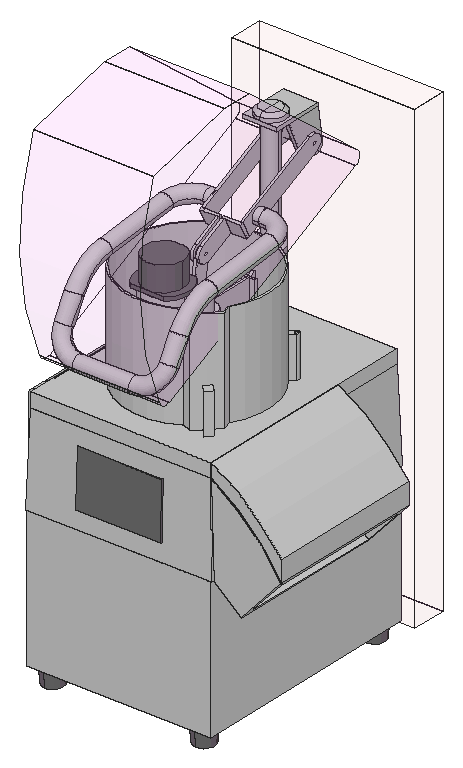
Revit family "Cortadora_CA-41_1_GENERADO", category Equipos especializados, Revit 2020
Family settings
  Cota de conector redondo = Diámetro de uso
  Tipo de pieza = Normal
  Número OmniClass = 23.21.21.31.19.11
  Se basa en plano de trabajo = No
  Siempre vertical = Sí
  Corte con vacíos al cargar = No
  Compartido = No
  Punto de cálculo de habitación = No
Parameters (values of type "Vegetable preparation machine CA-41 220-380/60/3N")
  Width = 391 mm
  Weight in Pounds = 51.8
  Watts = 550 W
  Volts = 220 V
  URL Cutsheet = "http://www.sammic.com/dl/455019/7b4ae/ps-en-1050726-vegetable-preparation-machine-ca-41.pdf"
  URL = "https://www.sammic.com/model/1050726"
  Specification by Manufacturer = "Single-speed motor block +  large production attachment."
  Show Logo [instance] = yes
  Show Clearances [instance] = yes
  Revision Code = "1"
  Phase = 3
  Modelo = "1050726"
  Height = 652 mm
  HP = "0.74"
  Foodservice Equipment Identifier = yes
  Fabricante = "SAMMIC S.L."
  FL Amps = 2.6 A
  Elevación por defecto = 0 mm
  Electric Connection Type = "3P+G"
  Descripción = "Vegetable preparation machine CA-41 220-380/60/3N"
  Depth = 396 mm
  Cycle = 60 Hz
  Conn Plug = ""
  Type Comments = "High production vegetable preparation machine with an hourly output of up to 1300 lbs. / 650 Kg.\n\nELECTRICAL DATA:\n\n380V/60Hz/3N~ (1.5A)"
Types (9, lengths in mm): name | Weight in Pounds | Volts | URL Cutsheet | URL | Phase | Modelo | FL Amps | Electric Connection Type | Descripción | Cycle | Conn Plug | Type Comments
  (no name) | 51.8 | 220 V | "http://www.sammic.com/dl/455019/7b4ae/ps-en-1050726-vegetable-preparation-machine-ca-41.pdf" | "https://www.sammic.com/model/1050726" | 3 | "1050726" | 2.6 A | "3P+G" | "Vegetable preparation machine CA-41 220-380/60/3N" | 60 Hz | "USA (NEMA 5-15P / 2P+G)" | "High production vegetable preparation machine with an hourly output of up to 1300 lbs. / 650 Kg.\n\nELECTRICAL DATA:\n\n380V/60Hz/3N~ (1.5A)"
  Vegetable preparation machine CA-41 230-400/50/3N | 51.8 | 400 V | "http://www.sammic.com/dl/454798/7ac7e/ps-en-1050721-vegetable-preparation-machine-ca-41.pdf" | "https://www.sammic.com/model/1050721" | 3 | "1050721" | 1.5 A | "3P+N+G" | "Vegetable preparation machine CA-41 230-400/50/3N" | 50 Hz | "" | "High production vegetable preparation machine with an hourly output of up to 1300 lbs. / 650 Kg.\n\nELECTRICAL DATA:\n\n230V/50Hz/3~ (2.6A)"
  Vegetable preparation machine CA-41 230/50/1 | 52.9 | 230 V | "http://www.sammic.com/dl/454796/52f4a/ps-en-1050719-vegetable-preparation-machine-ca-41.pdf" | "https://www.sammic.com/model/1050719" | 1 | "1050719" | 3.6 A | "" | "Vegetable preparation machine CA-41 230/50/1" | 50 Hz | "EU (SCHUKO 2P+G)" | "High production vegetable preparation machine with an hourly output of up to 1300 lbs. / 650 Kg."
  Vegetable preparation machine CA-41 120/60/1 | 52.9 | 120 V | "http://www.sammic.com/dl/454797/79c74/ps-en-1050720-vegetable-preparation-machine-ca-41.pdf" | "https://www.sammic.com/model/1050720" | 1 | "1050720" | 4.3 A | "" | "Vegetable preparation machine CA-41 120/60/1" | 60 Hz | "USA (NEMA 5-15P / 2P+G)" | "High production vegetable preparation machine with an hourly output of up to 1300 lbs. / 650 Kg."
  Vegetable preparation machines CA-41 220/60/1 KSA | 52.9 | 220 V | "http://www.sammic.com/dl/454799/2c9ff/ps-en-1050722-vegetable-preparation-machine-ca-41.pdf" | "https://www.sammic.com/model/1050722" | 1 | "1050722" | 3.6 A | "2P+G" | "Vegetable preparation machines CA-41 220/60/1 KSA" | 60 Hz | "UK (BS 1363 13A / 2P+G)" | "High production vegetable preparation machine with an hourly output of up to 1300 lbs. / 650 Kg."
  Vegetable preparation machine CA-41 220/60/1 | 52.9 | 220 V | "http://www.sammic.com/dl/455018/9b6e6/ps-en-1050725-vegetable-preparation-machine-ca-41.pdf" | "https://www.sammic.com/model/1050725" | 1 | "1050725" | 3.6 A | "" | "Vegetable preparation machine CA-41 220/60/1" | 60 Hz | "EU (SCHUKO 2P+G)" | "High production vegetable preparation machine with an hourly output of up to 1300 lbs. / 650 Kg."
  Vegetable preparation machine CA-41 220-380/60/3N | 51.8 | 220 V | "http://www.sammic.com/dl/455019/7b4ae/ps-en-1050726-vegetable-preparation-machine-ca-41.pdf" | "https://www.sammic.com/model/1050726" | 3 | "1050726" | 2.6 A | "3P+G" | "Vegetable preparation machine CA-41 220-380/60/3N" | 60 Hz | "" | "High production vegetable preparation machine with an hourly output of up to 1300 lbs. / 650 Kg.\n\nELECTRICAL DATA:\n\n380V/60Hz/3N~ (1.5A)"
  Vegetable preparation machine CA-41 230/50/1 AUS | 52.9 | 230 V | "http://www.sammic.com/dl/455020/ca6f1/ps-en-1050728-vegetable-preparation-machine-ca-41.pdf" | "https://www.sammic.com/model/1050728" | 1 | "1050728" | 3.6 A | "" | "Vegetable preparation machine CA-41 230/50/1 AUS" | 50 Hz | "AU/NZ (AS 3112 10A / 2P)" | "High production vegetable preparation machine with an hourly output of up to 1300 lbs. / 650 Kg."
  Vegetable preparation machine CA-41 230/50/1 UK | 52.9 | 230 V | "http://www.sammic.com/dl/455021/81103/ps-en-1050731-vegetable-preparation-machine-ca-41.pdf" | "https://www.sammic.com/model/1050731" | 1 | "1050731" | 3.6 A | "" | "Vegetable preparation machine CA-41 230/50/1 UK" | 50 Hz | "UK (BS 1363 13A / 2P+G)" | "High production vegetable preparation machine with an hourly output of up to 1300 lbs. / 650 Kg."
Reference planes
  plane 1 "Centro (Frontal/Posterior)": y = 0
  plane 2: z = 0
  plane 3 "Centro (Izquierda/Derecha)": x = 0
  plane 4: x = 357.084
  plane 5: x = -17.689
  plane 6: y = 25.2
  plane 7: z = 603.55
  plane 8: y = -28.249
Forms (mm)
  Extrusion 1, solid
    sketch origin (0, 0, 0) x (1, 0, 0) y (0, 1, 0)
      loop
        line (0, 0) -> (0, -336.5) -> (259.8, -336.5) -> (259.8, 0) -> (0, 0)
    from 21 to 219
  Revolve 2, solid
    sketch origin (23, 0, 0) x (0, 1, 0) y (0, 0, 1)
      loop
        line (-335, 21) -> (-333.5, 0) -> (-319, 0) -> (-319, 21) -> (-335, 21)
      axis (-319, 21) -> (-319, 0)
    angle from 0 to 360
  Revolve 3, solid
    sketch origin (236.8, 0, 0) x (0, 1, 0) y (0, 0, 1)
      loop
        line (-335, 21) -> (-333.5, 0) -> (-319, 0) -> (-319, 21) -> (-335, 21)
      axis (-319, 21) -> (-319, 0)
    angle from 0 to 360
  Revolve 4, solid
    sketch origin (236.8, 301.5, 0) x (0, 1, 0) y (0, 0, 1)
      loop
        line (-335, 21) -> (-333.5, 0) -> (-319, 0) -> (-319, 21) -> (-335, 21)
      axis (-319, 21) -> (-319, 0)
    angle from 0 to 360
  Revolve 5, solid
    sketch origin (23, 301.5, 0) x (0, 1, 0) y (0, 0, 1)
      loop
        line (-335, 21) -> (-333.5, 0) -> (-319, 0) -> (-319, 21) -> (-335, 21)
      axis (-319, 21) -> (-319, 0)
    angle from 0 to 360
  Extrusion 6, solid
    sketch origin (0, 6.438, 118.514) x (0, 0.999908, 0.013581) y (0, -0.013581, 0.999908)
      loop
        line (-337.559, 209.463) -> (-338.558, 209.506) -> (-341.99, 129.58) -> (-340.991, 129.537) -> (-337.559, 209.463)
    from 69.9 to 189.9
  Revolve 7, solid
    sketch origin (-190.1, -3.6, 263.3) x (1, 0, 0) y (0, 1, 0)
      loop
        line (211.45, 2.8) -> (224.95, 2.8) -> (224.95, 28.8) -> (211.45, 28.8) -> (211.45, 2.8)
      axis (224.95, 28.8) -> (224.95, 2.8)
    angle from 0 to 360
  Extrusion 8, solid
    sketch origin (0, 0, 0) x (0, 1, 0) y (0, 0, 1)
      loop
        line (-66.749, 643.55) -> (-43.092, 590.479)
        arc (-43.092, 590.479) -> (-39.403, 586.162) -> (-33.959, 584.55) r 10
        line (-33.959, 584.55) -> (-17.73, 584.55)
        arc (-17.73, 584.55) -> (-10.133, 588.046) -> (-7.849, 596.091) r 10
        line (-7.849, 596.091) -> (-15.249, 643.55) -> (-66.749, 643.55)
      loop
        circle (-28.249, 603.55) r 6.125
    from 106.468 to 111.468
  Extrusion 9, solid
    sketch origin (43, 0, 0) x (0, 1, 0) y (0, 0, 1)
      loop
        line (-66.749, 643.55) -> (-43.092, 590.479)
        arc (-43.092, 590.479) -> (-39.403, 586.162) -> (-33.959, 584.55) r 10
        line (-33.959, 584.55) -> (-17.73, 584.55)
        arc (-17.73, 584.55) -> (-10.133, 588.046) -> (-7.849, 596.091) r 10
        line (-7.849, 596.091) -> (-15.249, 643.55) -> (-66.749, 643.55)
      loop
        circle (-28.249, 603.55) r 6.125
    from 106.468 to 111.468
  Extrusion 10, solid
    sketch origin (0, 0, 0) x (0, 1, 0) y (0, 0, 1)
      loop
        line (-88.249, 643.55) -> (-15.249, 643.55) -> (-15.249, 648.55) -> (-88.249, 648.55) -> (-88.249, 643.55)
    from 106.468 to 154.468
  Revolve 11, solid
    sketch origin (130.468, 0, 0) x (0, 1, 0) y (0, 0, 1)
      loop
        line (-85.249, 495.65) -> (-85.249, 483.65) -> (-67.749, 483.65) -> (-67.749, 495.65) -> (-85.249, 495.65)
      axis (-67.749, 495.65) -> (-67.749, 483.65)
    angle from 0 to 360
  Extrusion 12, solid
    sketch origin (0, 0, 0) x (1, 0, 0) y (0, 1, 0)
      loop
        circle (130.468, -67.749) r 11
    from 495.65 to 643.55
  Revolve 13, solid
    sketch origin (130.468, 0, 0) x (0, 1, 0) y (0, 0, 1)
      loop
        line (-87.749, 648.55) -> (-67.749, 648.55) -> (-67.749, 658.55) -> (-82.749, 658.55) -> (-87.749, 653.55) -> (-87.749, 648.55)
      axis (-67.749, 658.55) -> (-67.749, 648.55)
    angle from 0 to 360
  Extrusion 14, solid
    sketch origin (0, 0, 0) x (1, 0, 0) y (0, 1, 0)
      loop
        circle (130.52, -257.976) r 27.5
    from 520.75 to 555.75
  Extrusion 15, solid
    sketch origin (-127.456, -388.496, 0) x (0, 1, 0) y (-1, 0, 0)
      loop
        line (101.52, -234.933) -> (101.52, -281.019)
        arc (101.52, -281.019) -> (130.551, -294.976) -> (159.52, -280.889) r 37
        line (159.52, -280.889) -> (159.52, -235.063)
        arc (159.52, -235.063) -> (130.551, -220.976) -> (101.52, -234.933) r 37
    from 515.75 to 520.75
  Extrusion 16, solid
    sketch origin (0, 0, 0) x (0, 1, 0) y (0, 0, 1)
      loop
        arc (-370.117, 444.8) -> (-363.489, 437.196) -> (-353.402, 437.283) r 12.066
        line (-353.402, 437.283) -> (-23.14, 592.692)
        arc (-23.14, 592.692) -> (-16.428, 601.487) -> (-19.764, 612.035) r 12
        line (-19.764, 612.035) -> (-211.712, 767.3) -> (-255.375, 767.3) -> (-381.193, 735.858)
        arc (-381.193, 735.858) -> (-404.905, 589.216) -> (-370.117, 444.8) r 376.928
    from 45.159 to 215.183
  Extrusion 17, solid
    sketch origin (0, 0, 0) x (0, 1, 0) y (0, 0, 1)
      loop
        line (25.2, 658.55) -> (25.2, 0) -> (75.2, 0) -> (75.2, 658.55) -> (25.2, 658.55)
    from 0 to 259.8
Lines and regions (mm)
  symbolic lines, style "200-EquipBorder-2D"
    curve 1: line (48.321, 25.2, 0) -> (21.35, 25.2, 0)
    curve 2: line (21.35, 25.2, 0) -> (21.35, 0, 0)
    curve 3: line (21.35, 0, 0) -> (-1.6, 0, 0)
    curve 4: line (357.084, -333.216, 0) -> (357.084, -107.816, 0)
    curve 5: line (261.4, 0, 0) -> (48.321, 0, 0)
    curve 6: line (48.321, 0, 0) -> (48.321, 25.2, 0)
    curve 7: line (-1.6, -337, 0) -> (-1.6, -311.7, 0)
    curve 8: line (-1.6, -311.7, 0) -> (-17.689, -311.7, 0)
    curve 9: line (-17.689, -311.7, 0) -> (-17.689, -291.7, 0)
    curve 10: line (-17.689, -291.7, 0) -> (-1.6, -291.7, 0)
    curve 11: line (-1.6, -291.7, 0) -> (-1.6, -290.7, 0)
    curve 12: line (-1.6, -290.7, 0) -> (-17.689, -290.7, 0)
    curve 13: line (-17.689, -290.7, 0) -> (-17.689, -86.2, 0)
    curve 14: line (-17.689, -86.2, 0) -> (-1.6, -86.2, 0)
    curve 15: line (-1.6, -86.2, 0) -> (-1.6, -85.2, 0)
    curve 16: line (-1.6, -85.2, 0) -> (-17.689, -85.2, 0)
    curve 17: line (-17.689, -85.2, 0) -> (-17.689, -65.2, 0)
    curve 18: line (-17.689, -65.2, 0) -> (-1.6, -65.2, 0)
    curve 19: line (-1.6, -65.2, 0) -> (-1.6, 0, 0)
    curve 20: line (261.4, 0, 0) -> (261.4, -107.816, 0)
    curve 21: line (261.4, -107.816, 0) -> (357.084, -107.816, 0)
    curve 22: line (-1.6, -337, 0) -> (44.968, -337, 0)
    curve 23: line (44.968, -337, 0) -> (44.968, -341, 0)
    curve 24: line (44.968, -341, 0) -> (215.968, -337, 0)
    curve 25: line (215.968, -337, 0) -> (261.4, -337, 0)
    curve 26: line (261.4, -337, 0) -> (261.4, -333.216, 0)
    curve 27: line (261.4, -333.216, 0) -> (357.084, -333.216, 0)
  symbolic lines, style "QF-Door-Drawer_Clearances"
    curve 28: line (45.159, -405.178, 0) -> (215.183, -405.178, 0)
  symbolic lines, style "QF-Clearances"
    curve 29: line (0, 75.2, 0) -> (259.8, 75.2, 0)
Dimensions and locks
  aligned and locked: level to plane 2
Nested families
  nested 1: "CK-35_Cortadora_Entrada" at (0, 0, 0), type "CK-35_Cortadora_Entrada"
    with Show Logo yes, Show Clearances yes
  nested 2: "CA-401_Cortadora_Entrada_Tapa" at (0, 0, 0), type "CA-401_Cortadora_Entrada_Tapa"
    with Show Logo yes, Show Clearances yes
  nested 3: "CA-401_Cortadora_Pisador" at (0, 0, 0), type "CA-401_Cortadora_Pisador"
    with Show Logo yes, Show Clearances yes
  nested 4: "CA-401_Cortadora_Palanca" at (130.468, -209.849, 11.171), type "CA-401_Cortadora_Palanca"
    with Show Logo yes, Show Clearances yes
Connectors
  electrical at (34.85, -0.8, 263.3)
    settings: on Revolve 7, index 1, voltage 230 V, apparent load 0 VA, apparent load phase1 0 VA, apparent load phase2 0 VA, apparent load phase3 0 VA, power factor 1, load classification "Otro", number of poles 1, system type 31, power factor state 1, is connector primary yes, connector utility no, sub classification motor no, connector description "Conexion electrica"
Definition of nested family "CK-35_Cortadora_Entrada"
  Parameters
    Show Logo [instance] = yes
    Show Clearances [instance] = yes
    Default Elevation = 0 mm
  Reference planes
    plane 1 "Centro (Frontal/Posterior)": y = 0
    plane 2: z = 0
    plane 3 "Centro (Izquierda/Derecha)": x = 0
    plane 4: z = 219
  Forms (mm)
    Extrusion 1, solid
      sketch origin (0, 0, 0) x (1, 0, 0) y (0, 1, 0)
        loop
          line (-1.6, 0.5) -> (-1.6, -337) -> (261.4, -337) -> (261.4, 0.5) -> (-1.6, 0.5)
      from 219 to 348
    Extrusion 2, void
      sketch origin (0, 0, 0) x (1, 0, 0) y (0, 0, 1)
        loop
          line (2.9, 367.3) -> (2.9, 368.3) -> (-2.6, 368.3) -> (-2.6, 218) -> (-1.6, 218) -> (-1.6, 219) -> (2.9, 367.3)
        loop
          line (256.9, 368.3) -> (256.9, 367.3) -> (261.4, 219) -> (261.4, 218) -> (262.4, 218) -> (262.4, 368.3) -> (256.9, 368.3)
      from 0 to 337
    Extrusion 3, void
      sketch origin (0, 0, 0) x (0, 1, 0) y (0, 0, 1)
        loop
          line (-332.65, 367.3) -> (-332.65, 368.3) -> (-338, 368.3) -> (-338, 218) -> (-337, 218) -> (-337, 219) -> (-332.65, 367.3)
        loop
          line (-3.85, 367.3) -> (0, 219) -> (0, 218) -> (1.5, 218) -> (1.5, 368.3) -> (-3.85, 368.3) -> (-3.85, 367.3)
      from -1.6 to 261.4
    Extrusion 4, solid
      sketch origin (0, 0, 0) x (1, 0, 0) y (0, 0, 1)
        loop
          line (261.4, 219) -> (301, 185.8) -> (357.084, 248.401)
          arc (357.084, 248.401) -> (313.501, 304.417) -> (257.486, 348) r 286.5
          line (257.486, 348) -> (261.4, 219)
      from 107.816 to 333.216
    Extrusion 5, void
      sketch origin (0, 0, 0) x (1, 0, 0) y (0, 0, 1)
        loop
          line (262.77, 338.706) -> (266.33, 221.392) -> (308.172, 186.312) -> (356.653, 240.426)
          arc (356.653, 240.426) -> (315.239, 294.846) -> (262.77, 338.706) r 305.9
      from 112.816 to 328.216
    Extrusion 6, solid
      sketch origin (0, 0, 0) x (1, 0, 0) y (0, 0, 1)
        loop
          line (-0.426, 257.7) -> (2.314, 348)
          arc (2.314, 348) -> (-7.687, 358.002) -> (-17.689, 348) r 10.002
          line (-17.689, 348) -> (-17.689, 282.8) -> (-0.426, 257.7)
        loop
          circle (-7.687, 348) r 5
      from 291.7 to 311.7
    Extrusion 7, solid
      sketch origin (0, 231.5, 0) x (1, 0, 0) y (0, 0, 1)
        loop
          line (-0.426, 257.7) -> (2.314, 348)
          arc (2.314, 348) -> (-7.687, 358.002) -> (-17.689, 348) r 10.002
          line (-17.689, 348) -> (-17.689, 282.8) -> (-0.426, 257.7)
        loop
          circle (-7.687, 348) r 5
      from 296.7 to 316.7
  Cuts and joins
    Extrusion 2, Extrusion 3 cuts Extrusion 1
    Extrusion 5 cuts Extrusion 4
  Dimensions and locks
    aligned and locked: level to plane 2
Definition of nested family "CA-401_Cortadora_Entrada_Tapa"
  Parameters
    Show Logo [instance] = yes
    Show Clearances [instance] = yes
    Default Elevation = 0 mm
  Reference planes
    plane 1 "Centro (Frontal/Posterior)": y = 0
    plane 2: z = 0
    plane 3 "Centro (Izquierda/Derecha)": x = 0
    plane 4: z = 348
    plane 5: y = -198.591
    plane 6: x = 130.468
  Forms (mm)
    Extrusion 1, solid
      sketch origin (0, 0, 0) x (1, 0, 0) y (0, 1, 0)
        loop
          line (-1.6, 0.5) -> (-1.6, -337) -> (261.4, -337) -> (261.4, 0.5) -> (-1.6, 0.5)
      from 348 to 367.3
    Extrusion 2, void
      sketch origin (0, 0, 0) x (1, 0, 0) y (0, 0, 1)
        loop
          line (2.9, 367.3) -> (2.9, 368.3) -> (-2.6, 368.3) -> (-2.6, 218) -> (-1.6, 218) -> (-1.6, 219) -> (2.9, 367.3)
        loop
          line (256.9, 368.3) -> (256.9, 367.3) -> (261.4, 219) -> (261.4, 218) -> (262.4, 218) -> (262.4, 368.3) -> (256.9, 368.3)
      from 0 to 337
    Extrusion 3, void
      sketch origin (0, 0, 0) x (0, 1, 0) y (0, 0, 1)
        loop
          line (-332.65, 367.3) -> (-332.65, 368.3) -> (-338, 368.3) -> (-338, 348) -> (-337, 348) -> (-337, 219) -> (-332.65, 367.3)
        loop
          line (-3.85, 367.3) -> (0, 219) -> (0, 218) -> (1.5, 218) -> (1.5, 368.3) -> (-3.85, 368.3) -> (-3.85, 367.3)
      from -1.6 to 261.4
    Extrusion 4, solid
      sketch origin (0, 0, 0) x (1, 0, 0) y (0, 0, 1)
        loop
          line (256.9, 367.3) -> (257.486, 348)
          arc (257.486, 348) -> (313.501, 304.417) -> (357.084, 248.401) r 286.5
          line (357.084, 248.401) -> (357.084, 278.8)
          arc (357.084, 278.8) -> (311.937, 328.648) -> (256.9, 367.3) r 302.8
      from 107.816 to 332.65
    Extrusion 5, solid
      sketch origin (0, 0, 0) x (1, 0, 0) y (0, 0, 1)
        loop
          line (2.9, 367.3) -> (-13.313, 356.269)
          arc (-13.313, 356.269) -> (-12.365, 339.16) -> (2.314, 348) r 10.002
          line (2.314, 348) -> (2.9, 367.3)
        loop
          circle (-7.687, 348) r 5
      from 86.2 to 290.7
    Extrusion 6, solid
      sketch origin (0, 0, 0) x (1, 0, 0) y (0, 1, 0)
        loop
          arc (191.103, -287.292) -> (205.777, -275.226) -> (218.097, -260.765) r 107.445
          line (218.097, -260.765) -> (215.183, -249.496)
          arc (215.183, -249.496) -> (61.195, -128.099) -> (179.886, -284.181) r 98.832
          line (179.886, -284.181) -> (191.103, -287.292)
        loop
          arc (216.86, -249.939) -> (60.026, -126.909) -> (180.301, -285.866) r 100.5
          line (180.301, -285.866) -> (192.689, -289.302)
          arc (192.689, -289.302) -> (207.568, -277.049) -> (220.079, -262.387) r 110
          line (220.079, -262.387) -> (216.86, -249.939)
      from 367.3 to 513.684
    Extrusion 7, solid
      sketch origin (0, 0, 0) x (1, 0, 0) y (0, 1, 0)
        loop
          circle (130.468, -67.749) r 12.1
        loop
          line (126.449, -84.346) -> (126.449, -98.171)
          arc (126.449, -98.171) -> (130.468, -98.091) -> (134.486, -98.171) r 100.5
          line (134.486, -98.171) -> (134.486, -84.346)
          arc (134.486, -84.346) -> (130.468, -50.673) -> (126.449, -84.346) r 17.076
        loop
          circle (211.568, -124.276) r 2.009
        loop
          line (208.848, -121.308) -> (201.785, -127.78)
          arc (201.785, -127.78) -> (204.564, -130.694) -> (207.225, -133.717) r 100.5
          line (207.225, -133.717) -> (214.288, -127.244)
          arc (214.288, -127.244) -> (214.536, -121.556) -> (208.848, -121.308) r 4.026
        loop
          line (214.656, -291.323) -> (221.848, -284.131) -> (211.115, -273.398)
          arc (211.115, -273.398) -> (207.57, -277.046) -> (203.86, -280.527) r 110
          line (203.86, -280.527) -> (214.656, -291.323)
      from 367.3 to 424.3
  Cuts and joins
    Extrusion 2, Extrusion 3 cuts Extrusion 1
  Dimensions and locks
    aligned and locked: level to plane 2
Definition of nested family "CA-401_Cortadora_Pisador"
  Parameters
    Show Logo [instance] = yes
    Show Clearances [instance] = yes
    Default Elevation = 0 mm
  Reference planes
    plane 1 "Centro (Frontal/Posterior)": y = 0
    plane 2: z = 0
    plane 3 "Centro (Izquierda/Derecha)": x = 0
  Forms (mm)
    Extrusion 1, solid
      sketch origin (0, 0, 0) x (1, 0, 0) y (0, 1, 0)
        loop
          arc (146.25, -220.283) -> (148.839, -218.139) -> (151.14, -215.687) r 26.826
          arc (151.14, -215.687) -> (154.034, -214.24) -> (157.051, -215.408) r 4
          line (157.051, -215.408) -> (201.569, -259.925)
          arc (201.569, -259.925) -> (64.747, -131.524) -> (190.349, -270.92) r 93.9
          line (190.349, -270.92) -> (161.416, -241.988)
          arc (161.416, -241.988) -> (155.088, -233.321) -> (146.421, -226.993) r 34.818
          line (146.421, -226.993) -> (145.775, -226.346)
          arc (145.775, -226.346) -> (144.615, -223.205) -> (146.25, -220.283) r 4
        loop
          circle (130.52, -257.976) r 27.619
      from 367.3 to 375.3
    Extrusion 2, solid
      sketch origin (0, 0, 0) x (1, 0, 0) y (0, 1, 0)
        loop
          circle (130.52, -257.976) r 27.603
        loop
          circle (130.534, -257.94) r 30.298
      from 380.15 to 515.75
    Extrusion 3, solid
      sketch origin (0, 0, 0) x (1, 0, 0) y (0, 1, 0)
        loop
          arc (129.004, -174.026) -> (130.468, -223.2) -> (131.932, -174.026) r 24.609
          line (131.932, -174.026) -> (131.932, -108.629) -> (139.817, -108.629) -> (139.817, -105.143)
          arc (139.817, -105.143) -> (130.467, -104.691) -> (121.118, -105.173) r 93.859
          line (121.118, -105.173) -> (121.118, -108.629) -> (129.004, -108.629) -> (129.004, -174.026)
      from 380.15 to 459.15
    Extrusion 4, solid
      sketch origin (0, 0, 0) x (1, 0, 0) y (0, 1, 0)
        loop
          arc (201.702, -259.993) -> (64.757, -131.545) -> (190.45, -271.022) r 93.961
          line (190.45, -271.022) -> (161.416, -241.988)
          arc (161.416, -241.988) -> (155.088, -233.321) -> (146.421, -226.993) r 34.818
          line (146.421, -226.993) -> (145.773, -226.345)
          arc (145.773, -226.345) -> (144.614, -223.203) -> (146.251, -220.28) r 4
          arc (146.251, -220.28) -> (148.855, -218.124) -> (151.167, -215.656) r 26.743
          arc (151.167, -215.656) -> (154.061, -214.205) -> (157.081, -215.372) r 4
          line (157.081, -215.372) -> (201.702, -259.993)
        loop
          circle (130.52, -257.976) r 27.603
        loop
          circle (130.407, -257.983) r 30.432
        loop
          arc (144.983, -218.571) -> (147.392, -216.576) -> (149.529, -214.293) r 24.7
          arc (149.529, -214.293) -> (153.871, -212.115) -> (158.403, -213.865) r 6
          line (158.403, -213.865) -> (201.771, -257.233)
          arc (201.771, -257.233) -> (216.489, -232.097) -> (222.634, -203.625) r 92.237
          line (222.634, -203.625) -> (209.099, -203.625) -> (209.099, -193.557) -> (222.628, -193.557)
          arc (222.628, -193.557) -> (204.155, -143.081) -> (160.679, -111.474) r 92.237
          line (160.679, -111.474) -> (144.728, -111.474) -> (139.817, -108.629) -> (121.118, -108.629) -> (116.208, -111.474) -> (100.386, -111.474)
          arc (100.386, -111.474) -> (56.91, -143.08) -> (38.436, -193.557) r 92.237
          line (38.436, -193.557) -> (51.837, -193.557) -> (51.837, -203.625) -> (38.43, -203.625)
          arc (38.43, -203.625) -> (92.55, -282.698) -> (187.66, -271.06) r 92.237
          line (187.66, -271.06) -> (163.484, -246.884) -> (159.568, -242.968)
          arc (159.568, -242.968) -> (153.6, -234.79) -> (145.421, -228.821) r 32.8
          line (145.421, -228.821) -> (144.267, -227.668)
          arc (144.267, -227.668) -> (142.528, -222.954) -> (144.983, -218.571) r 6
      from 375.3 to 380.15
    Extrusion 5, solid
      sketch origin (0, 0, 225) x (1, 0, 0) y (0, 1, 0)
        loop
          circle (130.468, -67.749) r 12.1
        loop
          circle (130.468, -67.749) r 17.076
      from 199.3 to 258.65
    Extrusion 6, solid
      sketch origin (0, 0, 0) x (1, 0, 0) y (0, 0, 1)
        loop
          line (51.837, 380.15) -> (51.837, 375.3) -> (105.859, 375.3) -> (105.859, 401.3) -> (51.837, 380.15)
        loop
          line (155.077, 401.3) -> (155.077, 375.3) -> (209.099, 375.3) -> (209.099, 380.15) -> (155.077, 401.3)
      from 196.083 to 201.091
    Extrusion 7, solid
      sketch origin (0, 0, 0) x (0, 1, 0) y (0, 0, 1)
        loop
          line (-84.826, 483.65) -> (-104.656, 459.15) -> (-104.656, 424.3) -> (-84.826, 424.3) -> (-84.826, 483.65)
      from 127.968 to 132.968
    Revolve 8, solid
      sketch origin (130.468, 0, 0) x (0, 1, 0) y (0, 0, 1)
        loop
          line (-217.613, 459.15) -> (-198.613, 459.15) -> (-198.613, 483.65) -> (-213.113, 483.65) -> (-213.113, 478.65) -> (-217.613, 478.65) -> (-217.613, 459.15)
        axis (-198.613, 483.65) -> (-198.613, 459.15)
      angle from 0 to 360
    Extrusion 9, void
      sketch origin (130.468, 0, 459.15) x (1, 0, 0) y (0, 1, 0)
        loop
          line (-2.4, -213.313) -> (2.4, -213.313) -> (2.4, -183.913) -> (-2.4, -183.913) -> (-2.4, -213.313)
      from 19.5 to 25
  Cuts and joins
    Extrusion 9 cuts Revolve 8
  Dimensions and locks
    aligned and locked: level to plane 2
Definition of nested family "CA-401_Cortadora_Palanca"
  Parameters
    Show Logo [instance] = yes
    Show Clearances [instance] = yes
    Default Elevation = 0 mm
  Reference planes
    plane 1 "Centro (Frontal/Posterior)": y = 0
    plane 2: z = 0
    plane 3 "Centro (Izquierda/Derecha)": x = 0
  Forms (mm)
    Sweep 1, solid
      path origin (0, -112.778, 496.845) x (1, 0, 0) y (0, 0.510843, 0.859674)
        loop
          line (-74.5, 0) -> (-74.5, -36.14)
          arc (-74.5, -36.14) -> (-64.249, -60.889) -> (-39.5, -71.14) r 35
          line (-39.5, -71.14) -> (39.5, -71.14)
          arc (39.5, -71.14) -> (64.249, -60.889) -> (74.5, -36.14) r 35
          line (74.5, -36.14) -> (74.5, 0)
      profile origin (-74.5, -122.009, 481.31) x (1, 0, 0) y (0, -0.859674, 0.510843)
        loop
          circle (0, 0) r 11
    Sweep 2, solid
      path origin (0, -59.918, 530.702) x (1, 0, 0) y (0, 0.994522, 0.104528)
        loop
          line (-74.5, 0) -> (-74.5, 107.8)
          arc (-74.5, 107.8) -> (-64.249, 132.549) -> (-39.5, 142.8) r 35
          line (-39.5, 142.8) -> (-29, 142.8)
      profile origin (-74.5, -6.313, 536.336) x (-1, 0, 0) y (0, -0.104528, 0.994522)
        loop
          circle (0, 0) r 11
    Sweep 3, solid
      path origin (0, -59.918, 530.702) x (1, 0, 0) y (0, 0.994522, 0.104528)
        loop
          line (74.5, 0) -> (74.5, 107.8)
          arc (74.5, 107.8) -> (64.249, 132.549) -> (39.5, 142.8) r 35
          line (39.5, 142.8) -> (29, 142.8)
      profile origin (74.5, -6.313, 536.336) x (-1, 0, 0) y (0, -0.104528, 0.994522)
        loop
          circle (0, 0) r 11
    Sweep 4, solid
      path origin (0, -90.356, 520.031) x (0, 0.842076, 0.539359) y (0, -0.539359, 0.842076)
        loop
          arc (31.387, -7.431) -> (0, 0) -> (-31.387, -7.431) r 70
      profile origin (0, -90.356, 520.031) x (0, 0.539359, -0.842076) y (1, 0, 0)
        loop
          circle (0, 74.5) r 11
    Sweep 5, solid
      path origin (-149, -90.356, 520.031) x (0, 0.842076, 0.539359) y (0, -0.539359, 0.842076)
        loop
          arc (31.387, -7.431) -> (0, 0) -> (-31.387, -7.431) r 70
      profile origin (-149, -90.356, 520.031) x (0, 0.539359, -0.842076) y (1, 0, 0)
        loop
          circle (0, 74.5) r 11
    Extrusion 6, solid
      sketch origin (0, -575.044, 554.813) x (0, 0.165564, 0.986199) y (0, -0.986199, 0.165564)
        loop
          line (10, -602.379) -> (60, -602.379)
          arc (60, -602.379) -> (70, -592.379) -> (60, -582.379) r 10
          line (60, -582.379) -> (10, -582.379)
          arc (10, -582.379) -> (0, -592.379) -> (10, -602.379) r 10
        loop
          circle (10, -592.379) r 3
        loop
          circle (60, -592.379) r 5
      from -2 to 2
    Extrusion 7, solid
      sketch origin (0, -68.813, 1129.231) x (1, 0, 0) y (0, -0.904827, -0.425779)
        loop
          line (-29, 138.7) -> (-29, 134.7) -> (-2, 134.7) -> (-2, 138.7) -> (-29, 138.7)
      from 580.379 to 604.379
    Extrusion 8, solid
      sketch origin (31, -68.813, 1129.231) x (1, 0, 0) y (0, -0.904827, -0.425779)
        loop
          line (-29, 138.7) -> (-29, 134.7) -> (-2, 134.7) -> (-2, 138.7) -> (-29, 138.7)
      from 580.379 to 604.379
    Extrusion 9, solid
      sketch origin (31, -68.813, 1129.231) x (0, -0.904827, -0.425779) y (0, 0.425779, -0.904827)
        loop
          line (138.7, 604.379) -> (138.7, 580.379) -> (181.6, 580.379)
          arc (181.6, 580.379) -> (193.6, 592.379) -> (181.6, 604.379) r 12
          line (181.6, 604.379) -> (138.7, 604.379)
        loop
          circle (181.6, 592.379) r 3
      from -29 to -25
    Extrusion 10, solid
      sketch origin (23, -68.813, 1129.231) x (0, -0.904827, -0.425779) y (0, 0.425779, -0.904827)
        loop
          line (138.7, 604.379) -> (138.7, 580.379) -> (181.6, 580.379)
          arc (181.6, 580.379) -> (193.6, 592.379) -> (181.6, 604.379) r 12
          line (181.6, 604.379) -> (138.7, 604.379)
        loop
          circle (181.6, 592.379) r 3
      from -29 to -25
    Extrusion 11, solid
      sketch origin (31, -68.813, 1129.231) x (0, -0.904827, -0.425779) y (0, 0.425779, -0.904827)
        loop
          line (134.7, 604.379) -> (2, 604.379)
          arc (2, 604.379) -> (-10, 592.379) -> (2, 580.379) r 12
          line (2, 580.379) -> (134.7, 580.379) -> (134.7, 604.379)
        loop
          circle (2, 592.379) r 3
      from -6 to -2
    Extrusion 12, solid
      sketch origin (-23, -68.813, 1129.231) x (0, -0.904827, -0.425779) y (0, 0.425779, -0.904827)
        loop
          line (134.7, 604.379) -> (2, 604.379)
          arc (2, 604.379) -> (-10, 592.379) -> (2, 580.379) r 12
          line (2, 580.379) -> (134.7, 580.379) -> (134.7, 604.379)
        loop
          circle (2, 592.379) r 3
      from -6 to -2
  Dimensions and locks
    aligned and locked: level to plane 2
